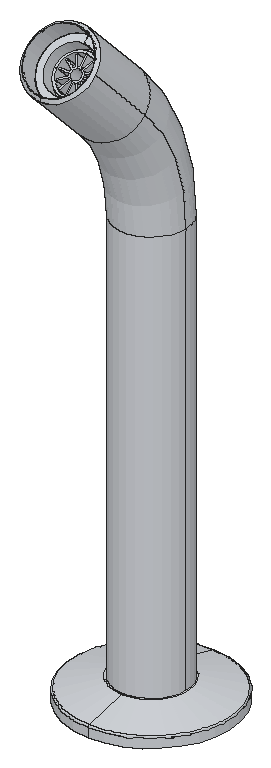
Revit family "Faucet-Wall_Mount-Bath_Spout-KOHLER-Components-K-77999", category Plumbing Fixtures, host Face, Revit 2015
Parameters (values of type "CP-Polished Chrome")
  Width = 2 3/8"  # constant formula
  WaterSense Certified = 1 = 0  # no
  Waste Water Outlet = "Waste Water Outlet"  # constant formula
  Waste Connection = 1 = 0  # no
  Vent Connection = 1 = 0  # no
  URL = "https://www.us.kohler.com/us/"
  Type = 1
  Spout Reach = Length  # 9 7/16"
  Product Page URL = "http://www.us.kohler.com/us/catalog/productDetails.jsp?productNumber=77999"
  Product Name = "Components"  # constant formula
  Product Documentation Link = "https://www.us.kohler.com/webassets/kpna/catalog/pdf/en/K-77999_spec.pdf"
  Pressure = 0.00 psi
  Model = if(Type = 1, "K-77999-CP", if(Type = 2, "K-77999-BL", "NA"))  # "K-77999-CP"
  Material = "Premium Metal Construction"  # constant formula
  MasterFormat 2004 = "22.41.39"  # constant formula
  MasterFormat 1995 = "15410"  # constant formula
  Manufacturer Address = "444 Highland Dr, Kohler, WI 53044"  # constant formula
  Manufacturer = "KOHLER Co."  # constant formula
  Length = 9 7/16"  # constant formula
  Tempered Water Inlet = "Tempered Water Inlet"  # constant formula
  Height = 2 3/8"  # constant formula
  Handle Clearance = 0"
  HW Connection = 1 = 1  # yes
  Flow Rate = 0 GPM
  Finish = Kohler-Metal-CP-Polished_Chrome
  Faucet Hole Spacing = 0"
  Environmental Product Declaration = ""
  Drain Included = 1 = 0  # no
  Description = "Wall-mount non-diverter bath spout"  # constant formula
  Default Elevation = 36"
  Declare Label = ""
  Date Modified = "05/10/2019"  # constant formula
  Date Created = "05/10/2019"  # constant formula
  Copyright = "Copyright KOHLER Co."  # constant formula
  Contact Us = "https://www.us.kohler.com/us/static/contact.jsp"
  Cold Water Inlet = "Cold Water Inlet"  # constant formula
  CW Connection = 1 = 0  # no
  Assembly Code = "D2010"
  ADA Compliant = 1 = 0  # no
Types (3): name | Type | Model | Finish
  (no name) | 1 | "K-77999-CP" | Kohler-Metal-CP-Polished_Chrome
  CP-Polished Chrome | 1 | "K-77999-CP" | Kohler-Metal-CP-Polished_Chrome
  BL-Matte Black | 2 | "K-77999-BL" | Kohler-Metal-BL-Matte_Black
Reference planes (in)
  plane 1 "Center (Front/Back)": y = 0
  plane 2: z = 0
  plane 3 "Center (Left/Right)": x = 0
  plane 4: x = -1.1875
  plane 5: x = 1.1875
  plane 6: y = 1.1875
  plane 7: y = -1.1875
  plane 8: y = -1.75
  plane 9: z = 9.78125
  plane 10: z = 9.4375
Dimensions and locks (in)
  "Height": plane 7 to plane 6
  "Width": plane 4 to plane 5
  "Length": plane 10 to level
  locked: plane 9 to level at 9.78125
  aligned and locked: plane 2 to host face
  aligned and locked: level to host face
Automatic sketch dimensions
  host sketch curve to host sketch curve = 96"  (x2)
Nested families (in)
  nested 1: "K-77999" at (0, 0, 0), type "K-77999"
Connectors (in)
  piping at (0, 0, 0), diameter 0.5, driven by "HW Connection", driven by "Tempered Water Inlet"
    settings: on nested 1, index 1, connector inside diameter 24", connector length 0", flow factor 0, pipe flow 0 GPM, pressure drop 0.00 psi, fitting loss kfactor 0, connector angle 0.00°, fixture units 0, engagement length 0", angle of deflection 0.00°, flow configuration 0, flow direction 1, fitting loss method 0, system type 19, joint type 0, gender type 0, connector reference index -1, connector utility 1, adjustable connector no, is connector primary yes, connector description "Tempered Water Inlet"
Definition of nested family "K-77999"
  Parameters (values of type "K-77999")
    Material = none
  Reference planes (in)
    plane 1 "Center (Front/Back)": y = 0
    plane 2: z = 0
    plane 3 "Center (Left/Right)": x = 0
    plane 4: y = 1.1875
    plane 5: y = -1.1875
    plane 6: x = -1.1875
    plane 7: z = 9.4375
    plane 8: y = -1.75
    plane 9: x = 1.1875
    plane 10: z = 9.78125
  Forms (in)
    Sweep 1, solid, material <- "Material", detail levels medium+fine
      path origin (0, 0, 0) x (0, 1, 0) y (0, 0, 1)
        loop
          line (-1.75, 9.4375) -> (-0.78372, 8.47122)
          arc (-0.78372, 8.47122) -> (-0.20368, 7.60313) -> (0, 6.57916) r 2.67578
          line (0, 6.57916) -> (0, 0.31181)
      profile origin (0, 0, 3.44548) x (1, 0, 0) y (0, 1, 0)
        loop
          circle (0, 0) r 0.53152
    Revolve 2, solid, material <- "Material", detail levels medium+fine
      sketch origin (0, 0, 0) x (0, 1, 0) y (0, 0, 1)
        loop
          arc (1.1875, 0.138) -> (1.18244, 0.15268) -> (1.1694, 0.16114) r 0.02384
          line (1.1694, 0.16114) -> (0.56294, 0.31181) -> (0, 0.31181) -> (0, 0) -> (1.1875, 0) -> (1.1875, 0.138)
        axis (0, 0.31181) -> (0, 0)
      angle from 0 to 360
    Revolve 3, void
      sketch origin (0, 0.0625, 0) x (0, 1, 0) y (0, 0, 1)
        loop
          line (-1.9354, 9.5604) -> (-1.16149, 8.78649) -> (-0.82233, 9.12565) -> (-1.59623, 9.89956) -> (-1.9354, 9.5604)
        axis (-1.9354, 9.5604) -> (-1.16149, 8.78649)
      angle from 0 to 360
    Revolve 4, solid, material <- "Material", detail levels medium+fine
      sketch origin (0, 0.0625, 0) x (0, 1, 0) y (0, 0, 1)
        loop
          line (-1.25275, 9.54693) -> (-1.33353, 9.46614) -> (-1.17395, 9.30656) -> (-1.20359, 9.27693) -> (-1.26243, 9.33577) -> (-1.28886, 9.30934) -> (-1.11208, 9.13256) -> (-0.95235, 9.2923) -> (-1.25275, 9.5927) -> (-1.25275, 9.54693)
        axis (-1.61022, 9.23522) -> (-1.30982, 8.93482)
      angle from 0 to 360
    Sweep 5, solid, material <- "Material", detail levels coarse
      path origin (0, 0, 0) x (0, 1, 0) y (0, 0, 1)
        loop
          line (-1.75, 9.4375) -> (0, 7.6875) -> (0, 0.31181)
      profile origin (0, 0, 3.99965) x (1, 0, 0) y (0, 1, 0)
        loop
          circle (0, 0) r 0.53152
    Extrusion 6, solid, material <- "Material", detail levels coarse
      sketch origin (0, 0, 0) x (1, 0, 0) y (0, 1, 0)
        loop
          circle (0, 0) r 1.1875
      from 0 to 0.31181
    Revolve 7, void
      sketch origin (0, 0, 0) x (0, 1, 0) y (0, 0, 1)
        loop
          line (-1.31903, 9.78125) -> (-1.31903, 9.83444) -> (-1.43544, 9.83444) -> (-1.43544, 9.78125) -> (-1.31903, 9.78125)
        axis (-1.79119, 9.47869) -> (-1.70639, 9.39389)
      angle from 0 to 360
    Extrusion 8, solid, material <- "Material", detail levels medium+fine
      sketch origin (0, -1.76253, 9.45003) x (0, -0.707107, -0.707107) y (1, 0, 0)
        loop
          arc (-0.10366, -0.01181) -> (-0.10078, -0.027) -> (-0.09568, -0.0416) r 0.10433
          line (-0.09568, -0.0416) -> (-0.27004, -0.14227) -> (-0.24106, -0.15281) -> (-0.08387, -0.06206)
          arc (-0.08387, -0.06206) -> (-0.07377, -0.07377) -> (-0.06206, -0.08387) r 0.10433
          line (-0.06206, -0.08387) -> (-0.15281, -0.24106) -> (-0.14227, -0.27004) -> (-0.0416, -0.09568)
          arc (-0.0416, -0.09568) -> (-0.027, -0.10078) -> (-0.01181, -0.10366) r 0.10433
          line (-0.01181, -0.10366) -> (-0.01181, -0.28517) -> (0.01181, -0.30499) -> (0.01181, -0.10366)
          arc (0.01181, -0.10366) -> (0.027, -0.10078) -> (0.0416, -0.09568) r 0.10433
          line (0.0416, -0.09568) -> (0.13236, -0.25287) -> (0.16273, -0.25823) -> (0.06206, -0.08387)
          arc (0.06206, -0.08387) -> (0.07377, -0.07377) -> (0.08387, -0.06206) r 0.10433
          line (0.08387, -0.06206) -> (0.24106, -0.15281) -> (0.27004, -0.14227) -> (0.09568, -0.0416)
          arc (0.09568, -0.0416) -> (0.10078, -0.027) -> (0.10366, -0.01181) r 0.10433
          line (0.10366, -0.01181) -> (0.28517, -0.01181) -> (0.30499, 0.01181) -> (0.10366, 0.01181)
          arc (0.10366, 0.01181) -> (0.10078, 0.027) -> (0.09568, 0.0416) r 0.10433
          line (0.09568, 0.0416) -> (0.25287, 0.13236) -> (0.25823, 0.16273) -> (0.08387, 0.06206)
          arc (0.08387, 0.06206) -> (0.07377, 0.07377) -> (0.06206, 0.08387) r 0.10433
          line (0.06206, 0.08387) -> (0.16273, 0.25823) -> (0.13236, 0.25287) -> (0.0416, 0.09568)
          arc (0.0416, 0.09568) -> (0.027, 0.10078) -> (0.01181, 0.10366) r 0.10433
          line (0.01181, 0.10366) -> (0.01181, 0.30499) -> (-0.01181, 0.28517) -> (-0.01181, 0.10366)
          arc (-0.01181, 0.10366) -> (-0.027, 0.10078) -> (-0.0416, 0.09568) r 0.10433
          line (-0.0416, 0.09568) -> (-0.14227, 0.27004) -> (-0.15281, 0.24106) -> (-0.06206, 0.08387)
          arc (-0.06206, 0.08387) -> (-0.07377, 0.07377) -> (-0.08387, 0.06206) r 0.10433
          line (-0.08387, 0.06206) -> (-0.25823, 0.16273) -> (-0.25287, 0.13236) -> (-0.09568, 0.0416)
          arc (-0.09568, 0.0416) -> (-0.10078, 0.027) -> (-0.10366, 0.01181) r 0.10433
          line (-0.10366, 0.01181) -> (-0.30499, 0.01181) -> (-0.28517, -0.01181) -> (-0.10366, -0.01181)
        loop
          circle (0, 0) r 0.07701
      from -0.71089 to -0.49951
  Cuts and joins
    Revolve 3, Revolve 7 cuts Sweep 1
    Revolve 3 cuts Revolve 2
    joined: Sweep 1, Revolve 2
    joined: Sweep 5, Extrusion 6
  Lines and regions (in)
    Masking region 1
      outline origin (0, 0, 0) x (0, 1, 0) y (0, 0, 1)
        loop
          arc (1.1875, 0.138) -> (1.18244, 0.15268) -> (1.1694, 0.16114) r 0.02384
          line (1.1694, 0.16114) -> (0.56294, 0.31181) -> (0.53152, 0.31181) -> (0.53152, 6.5728)
          arc (0.53152, 6.5728) -> (0.28621, 7.80605) -> (-0.41237, 8.85156) r 3.22266
          line (-0.41237, 8.85156) -> (-1.34207, 9.78125) -> (-1.40625, 9.78125) -> (-2.09375, 9.09375) -> (-2.09375, 9.02957) -> (-1.16078, 8.0966)
          arc (-1.16078, 8.0966) -> (-0.69506, 7.3996) -> (-0.53152, 6.57743) r 2.14844
          line (-0.53152, 6.57743) -> (-0.53152, 0.31181) -> (-0.56294, 0.31181) -> (-1.1694, 0.16114)
          arc (-1.1694, 0.16114) -> (-1.18244, 0.15268) -> (-1.1875, 0.138) r 0.02384
          line (-1.1875, 0.138) -> (-1.1875, 0) -> (1.1875, 0) -> (1.1875, 0.138)
    Masking region 2
      outline origin (0, 0, 0) x (1, 0, 0) y (0, 0, 1)
        loop
          line (-1.1875, 0.138) -> (-1.1875, 0) -> (1.1875, 0) -> (1.1875, 0.138)
          arc (1.1875, 0.138) -> (1.18244, 0.15268) -> (1.1694, 0.16114) r 0.02384
          line (1.1694, 0.16114) -> (0.56294, 0.31181) -> (0.53152, 0.31181) -> (0.53152, 9.40541)
          spline (0.53152, 9.40541) -> (0.52697, 9.45447) -> (0.51341, 9.50268) -> (0.49106, 9.54924) -> (0.46031, 9.59333) -> (0.42168, 9.63421) -> (0.37584, 9.67117) -> (0.32357, 9.70358) -> (0.26576, 9.7309) -> (0.2034, 9.75264) -> (0.13757, 9.76844) -> (0.06938, 9.77803) -> (0, 9.78125)
          spline (0, 9.78125) -> (-0.06938, 9.77803) -> (-0.13757, 9.76844) -> (-0.2034, 9.75264) -> (-0.26576, 9.7309) -> (-0.32357, 9.70358) -> (-0.37584, 9.67117) -> (-0.42168, 9.63421) -> (-0.46031, 9.59333) -> (-0.49106, 9.54924) -> (-0.51341, 9.50268) -> (-0.52697, 9.45447) -> (-0.53152, 9.40541)
          line (-0.53152, 9.40541) -> (-0.53152, 0.31181) -> (-0.56294, 0.31181) -> (-1.1694, 0.16114)
          arc (-1.1694, 0.16114) -> (-1.18244, 0.15268) -> (-1.1875, 0.138) r 0.02384
    Masking region 3
      outline origin (0, 0, 0) x (1, 0, 0) y (0, 1, 0)
        loop
          arc (-1.1875, 0) -> (-1.01028, -0.62409) -> (-0.53152, -1.06191) r 1.1875
          line (-0.53152, -1.06191) -> (-0.53152, -1.75)
          spline (-0.53152, -1.75) -> (-0.51341, -1.84727) -> (-0.46031, -1.93792) -> (-0.37584, -2.01576) -> (-0.26576, -2.07549) -> (-0.13757, -2.11304) -> (0, -2.12584) -> (0.13757, -2.11304) -> (0.26576, -2.07549) -> (0.37584, -2.01576) -> (0.46031, -1.93792) -> (0.51341, -1.84727) -> (0.53152, -1.75)
          line (0.53152, -1.75) -> (0.53152, -1.06191)
          arc (0.53152, -1.06191) -> (1.01028, -0.62409) -> (1.1875, 0) r 1.1875
          arc (1.1875, 0) -> (0.83969, 0.83969) -> (0, 1.1875) r 1.1875
          arc (0, 1.1875) -> (-0.83969, 0.83969) -> (-1.1875, 0) r 1.1875
    symbolic lines, detail levels medium+fine
      curve 1: line (0, 1.1694, 0.16114) -> (0, -1.1694, 0.16114)
      curve 2: line (0, 0.53152, 0.31181) -> (0, -0.53152, 0.31181)
      curve 3: line (-0.53152, 0, 0.31181) -> (0.53152, 0, 0.31181)
      curve 4: line (-1.1694, 0, 0.16114) -> (1.1694, 0, 0.16114)
      curve 5: arc (-0.53152, -0.18543, 0) -> (0, 0.56294, 0) -> (0.53152, -0.18543, 0) r 0.56294
      curve 6: arc (0.53152, 0, 0) -> (0, 0.53152, 0) -> (-0.53152, 0, 0) r 0.53152
      curve 7: spline (0.53152, -1.75, 0) -> (0.51341, -1.65273, 0) -> (0.46031, -1.56208, 0) -> (0.37584, -1.48424, 0) -> (0.26576, -1.42451, 0) -> (0.13757, -1.38696, 0) -> (0, -1.37416, 0) -> (-0.13757, -1.38696, 0) -> (-0.26576, -1.42451, 0) -> (-0.37584, -1.48424, 0) -> (-0.46031, -1.56208, 0) -> (-0.51341, -1.65273, 0) -> (-0.53152, -1.75, 0)
      curve 8: spline (0.5, -1.75, 0) -> (0.48296, -1.84151, 0) -> (0.43301, -1.92678, 0) -> (0.35355, -2, 0) -> (0.25, -2.05619, 0) -> (0.12941, -2.09151, 0) -> (0, -2.10355, 0) -> (-0.12941, -2.09151, 0) -> (-0.25, -2.05619, 0) -> (-0.35355, -2, 0) -> (-0.43301, -1.92678, 0) -> (-0.48296, -1.84151, 0) -> (-0.5, -1.75, 0) -> (-0.48296, -1.65849, 0) -> (-0.43301, -1.57322, 0) -> (-0.35355, -1.5, 0) -> (-0.25, -1.44381, 0) -> (-0.12941, -1.40849, 0) -> (0, -1.39645, 0) -> (0.12941, -1.40849, 0) -> (0.25, -1.44381, 0) -> (0.35355, -1.5, 0) -> (0.43301, -1.57322, 0) -> (0.48296, -1.65849, 0) -> (0.5, -1.75, 0)
      curve 9: spline (0.45817, -1.60844, 0) -> (0.42139, -1.67704, 0) -> (0.36435, -1.73832, 0) -> (0.28979, -1.78934, 0) -> (0.2013, -1.82764, 0) -> (0.10313, -1.85138, 0) -> (0, -1.85943, 0) -> (-0.10313, -1.85138, 0) -> (-0.2013, -1.82764, 0) -> (-0.28979, -1.78934, 0) -> (-0.36435, -1.73832, 0) -> (-0.42139, -1.67704, 0) -> (-0.45817, -1.60844, 0)
      curve 10: spline (-0.35759, -1.50289, 0) -> (-0.3525, -1.57268, 0) -> (-0.32068, -1.63885, 0) -> (-0.26455, -1.69637, 0) -> (-0.18836, -1.74089, 0) -> (-0.09789, -1.76902, 0) -> (0, -1.77864, 0) -> (0.09789, -1.76902, 0) -> (0.18836, -1.74089, 0) -> (0.26455, -1.69637, 0) -> (0.32068, -1.63885, 0) -> (0.3525, -1.57268, 0) -> (0.35759, -1.50289, 0)
      curve 11: spline (0.30959, -1.47237, 0) -> (0.28647, -1.52012, 0) -> (0.24883, -1.563, 0) -> (0.19857, -1.59884, 0) -> (0.13825, -1.62583, 0) -> (0.07092, -1.64259, 0) -> (0, -1.64827, 0) -> (-0.07092, -1.64259, 0) -> (-0.13825, -1.62583, 0) -> (-0.19857, -1.59884, 0) -> (-0.24883, -1.563, 0) -> (-0.28647, -1.52012, 0) -> (-0.30959, -1.47237, 0)
      curve 12: spline (0.27615, -1.45526, 0) -> (0.25825, -1.49995, 0) -> (0.22611, -1.54045, 0) -> (0.18149, -1.57454, 0) -> (0.12686, -1.60032, 0) -> (0.06523, -1.61638, 0) -> (0, -1.62184, 0) -> (-0.06523, -1.61638, 0) -> (-0.12686, -1.60032, 0) -> (-0.18149, -1.57454, 0) -> (-0.22611, -1.54045, 0) -> (-0.25825, -1.49995, 0) -> (-0.27615, -1.45526, 0)
      curve 13: line (-0.06206, -1.47087, 0) -> (-0.15072, -1.57947, 0)
      curve 14: line (-0.09568, -1.44099, 0) -> (-0.24327, -1.50124, 0)
      curve 15: line (-0.23241, -1.51609, 0) -> (-0.08387, -1.45545, 0)
      curve 16: spline (-0.08387, -1.45545, 0) -> (-0.08231, -1.45691, 0) -> (-0.0807, -1.45833, 0) -> (-0.07904, -1.45973, 0) -> (-0.07733, -1.46109, 0) -> (-0.07557, -1.46243, 0) -> (-0.07377, -1.46374, 0) -> (-0.07193, -1.46501, 0) -> (-0.07004, -1.46625, 0) -> (-0.0681, -1.46746, 0) -> (-0.06613, -1.46863, 0) -> (-0.06411, -1.46977, 0) -> (-0.06206, -1.47087, 0)
      curve 17: spline (-0.10366, -1.41992, 0) -> (-0.10334, -1.42173, 0) -> (-0.10295, -1.42354, 0) -> (-0.1025, -1.42533, 0) -> (-0.10199, -1.42712, 0) -> (-0.10141, -1.4289, 0) -> (-0.10078, -1.43066, 0) -> (-0.10008, -1.43242, 0) -> (-0.09932, -1.43416, 0) -> (-0.0985, -1.43589, 0) -> (-0.09762, -1.43761, 0) -> (-0.09668, -1.43931, 0) -> (-0.09568, -1.44099, 0)
      curve 18: line (-0.17916, -1.41992, 0) -> (-0.10366, -1.41992, 0)
      curve 19: spline (-0.0416, -1.47923, 0) -> (-0.03922, -1.47993, 0) -> (-0.03682, -1.4806, 0) -> (-0.0344, -1.48122, 0) -> (-0.03195, -1.4818, 0) -> (-0.02949, -1.48234, 0) -> (-0.027, -1.48283, 0) -> (-0.0245, -1.48328, 0) -> (-0.02199, -1.48369, 0) -> (-0.01946, -1.48405, 0) -> (-0.01692, -1.48437, 0) -> (-0.01437, -1.48464, 0) -> (-0.01181, -1.48487, 0)
      curve 20: spline (0.01181, -1.48487, 0) -> (0.01437, -1.48464, 0) -> (0.01692, -1.48437, 0) -> (0.01946, -1.48405, 0) -> (0.02199, -1.48369, 0) -> (0.0245, -1.48328, 0) -> (0.027, -1.48283, 0) -> (0.02949, -1.48234, 0) -> (0.03195, -1.4818, 0) -> (0.0344, -1.48122, 0) -> (0.03682, -1.4806, 0) -> (0.03922, -1.47993, 0) -> (0.0416, -1.47923, 0)
      curve 21: spline (0.06206, -1.47087, 0) -> (0.06411, -1.46977, 0) -> (0.06613, -1.46863, 0) -> (0.0681, -1.46746, 0) -> (0.07004, -1.46625, 0) -> (0.07193, -1.46501, 0) -> (0.07377, -1.46374, 0) -> (0.07557, -1.46243, 0) -> (0.07733, -1.46109, 0) -> (0.07904, -1.45973, 0) -> (0.0807, -1.45833, 0) -> (0.08231, -1.45691, 0) -> (0.08387, -1.45545, 0)
      curve 22: spline (0.09568, -1.44099, 0) -> (0.09668, -1.43931, 0) -> (0.09762, -1.43761, 0) -> (0.0985, -1.43589, 0) -> (0.09932, -1.43416, 0) -> (0.10008, -1.43242, 0) -> (0.10078, -1.43066, 0) -> (0.10141, -1.4289, 0) -> (0.10199, -1.42712, 0) -> (0.1025, -1.42533, 0) -> (0.10295, -1.42354, 0) -> (0.10334, -1.42173, 0) -> (0.10366, -1.41992, 0)
      curve 23: line (0.10366, -1.41992, 0) -> (0.17916, -1.41992, 0)
      curve 24: line (0.08387, -1.45545, 0) -> (0.23241, -1.51609, 0)
      curve 25: line (0.24327, -1.50124, 0) -> (0.09568, -1.44099, 0)
      curve 26: spline (0.07671, -1.40675, 0) -> (0.07552, -1.42226, 0) -> (0.06817, -1.4369, 0) -> (0.05528, -1.44949, 0) -> (0.03789, -1.45898, 0) -> (0.01742, -1.46462, 0) -> (-0.00447, -1.46594, 0) -> (-0.026, -1.46283, 0) -> (-0.04541, -1.45555, 0) -> (-0.06113, -1.4447, 0) -> (-0.07187, -1.43114, 0) -> (-0.07676, -1.416, 0) -> (-0.0754, -1.40049, 0)
      curve 27: line (0.15072, -1.57947, 0) -> (0.06206, -1.47087, 0)
      curve 28: line (0.0416, -1.47923, 0) -> (0.13075, -1.58841, 0)
      curve 29: line (0.01181, -1.61294, 0) -> (0.01181, -1.48487, 0)
      curve 30: line (-0.01181, -1.48487, 0) -> (-0.01181, -1.61294, 0)
      curve 31: line (-0.13075, -1.58841, 0) -> (-0.0416, -1.47923, 0)
      curve 32: spline (0.24327, -1.50124, 0) -> (0.24243, -1.5025, 0) -> (0.24158, -1.50376, 0) -> (0.24072, -1.50502, 0) -> (0.23984, -1.50627, 0) -> (0.23895, -1.50751, 0) -> (0.23805, -1.50875, 0) -> (0.23714, -1.50999, 0) -> (0.23622, -1.51122, 0) -> (0.23528, -1.51245, 0) -> (0.23434, -1.51367, 0) -> (0.23338, -1.51488, 0) -> (0.23241, -1.51609, 0)
      curve 33: spline (-0.23241, -1.51609, 0) -> (-0.23338, -1.51488, 0) -> (-0.23434, -1.51367, 0) -> (-0.23528, -1.51245, 0) -> (-0.23622, -1.51122, 0) -> (-0.23714, -1.50999, 0) -> (-0.23805, -1.50875, 0) -> (-0.23895, -1.50751, 0) -> (-0.23984, -1.50627, 0) -> (-0.24072, -1.50502, 0) -> (-0.24158, -1.50376, 0) -> (-0.24243, -1.5025, 0) -> (-0.24327, -1.50124, 0)
      curve 34: spline (-0.13075, -1.58841, 0) -> (-0.13245, -1.58771, 0) -> (-0.13415, -1.58701, 0) -> (-0.13584, -1.58629, 0) -> (-0.13752, -1.58557, 0) -> (-0.1392, -1.58484, 0) -> (-0.14087, -1.5841, 0) -> (-0.14253, -1.58335, 0) -> (-0.14418, -1.58259, 0) -> (-0.14583, -1.58182, 0) -> (-0.14747, -1.58104, 0) -> (-0.1491, -1.58026, 0) -> (-0.15072, -1.57947, 0)
      curve 35: spline (0.01181, -1.61294, 0) -> (0.00984, -1.613, 0) -> (0.00788, -1.61305, 0) -> (0.00591, -1.61309, 0) -> (0.00394, -1.61311, 0) -> (0.00197, -1.61313, 0) -> (0, -1.61313, 0) -> (-0.00197, -1.61313, 0) -> (-0.00394, -1.61311, 0) -> (-0.00591, -1.61309, 0) -> (-0.00788, -1.61305, 0) -> (-0.00984, -1.613, 0) -> (-0.01181, -1.61294, 0)
      curve 36: spline (0.15072, -1.57947, 0) -> (0.1491, -1.58026, 0) -> (0.14747, -1.58104, 0) -> (0.14583, -1.58182, 0) -> (0.14418, -1.58259, 0) -> (0.14253, -1.58335, 0) -> (0.14087, -1.5841, 0) -> (0.1392, -1.58484, 0) -> (0.13752, -1.58557, 0) -> (0.13584, -1.58629, 0) -> (0.13415, -1.58701, 0) -> (0.13245, -1.58771, 0) -> (0.13075, -1.58841, 0)
      curve 37: spline (0.483, -1.65858, 0) -> (0.44356, -1.72396, 0) -> (0.38308, -1.78229, 0) -> (0.30443, -1.8308, 0) -> (0.21135, -1.8672, 0) -> (0.10824, -1.88975, 0) -> (0, -1.89739, 0) -> (-0.10824, -1.88975, 0) -> (-0.21135, -1.8672, 0) -> (-0.30443, -1.8308, 0) -> (-0.38308, -1.78229, 0) -> (-0.44356, -1.72396, 0) -> (-0.483, -1.65858, 0)
      curve 38: line (-0.53152, -1.06191, 0) -> (-0.53152, 0, 0)
      curve 39: line (0.53152, -1.06191, 0) -> (0.53152, 0, 0)
      curve 40: line (0, -1.34207, 9.78125) -> (0, -2.09375, 9.02957)
      curve 41: spline (-0.53152, -1.71791, 0) -> (-0.52697, -1.66885, 0) -> (-0.51341, -1.62063, 0) -> (-0.49106, -1.57408, 0) -> (-0.46031, -1.52999, 0) -> (-0.42168, -1.48911, 0) -> (-0.37584, -1.45215, 0) -> (-0.32357, -1.41973, 0) -> (-0.26576, -1.39242, 0) -> (-0.2034, -1.37068, 0) -> (-0.13757, -1.35487, 0) -> (-0.06938, -1.34528, 0) -> (0, -1.34207, 0)
      curve 42: spline (0, -1.34207, 0) -> (0.06938, -1.34528, 0) -> (0.13757, -1.35487, 0) -> (0.2034, -1.37068, 0) -> (0.26576, -1.39242, 0) -> (0.32357, -1.41973, 0) -> (0.37584, -1.45215, 0) -> (0.42168, -1.48911, 0) -> (0.46031, -1.52999, 0) -> (0.49106, -1.57408, 0) -> (0.51341, -1.62063, 0) -> (0.52697, -1.66885, 0) -> (0.53152, -1.71791, 0)
  Dimensions and locks (in)
    plane 7 to level = 9 7/16"
    plane 1 "Center (Front/Back)" to plane 8 = 1 3/4"
    plane 10 to level = 9 25/32"
    aligned and locked: level to plane 2
